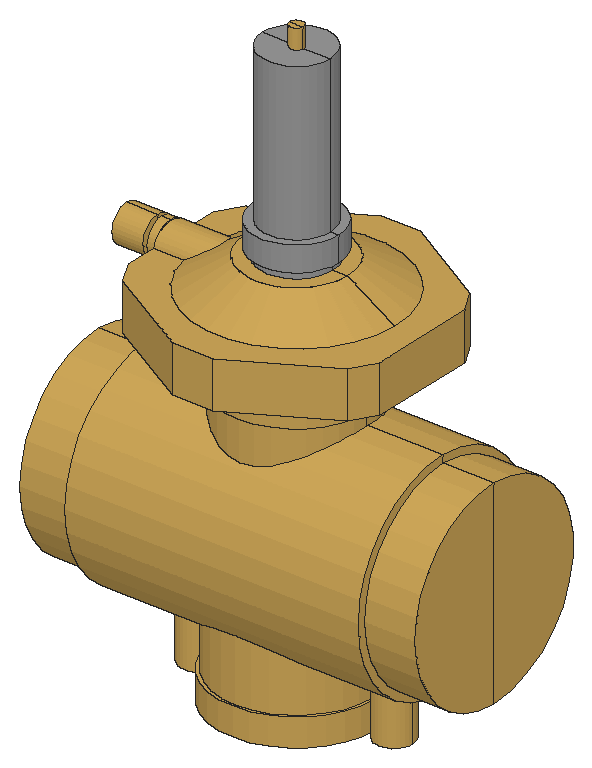
Revit family "Differenzdruckregler 4002 45-80kPa", category Rohrzubehör, Revit 2018
Family settings
  Bemaßung runder Anschluss = Durchmesser verwenden
  Teiletyp = Unterbricht
  OmniClass-Nummer = 23.65.55.14
  OmniClass-Titel = Valves for Liquid Services
  Arbeitsebenenbasiert = Nein
  Immer vertikal = Ja
  Beim Laden mit Abzugskörper schneiden = Nein
  Gemeinsam genutzt = Nein
Parameters (values of type "Ohne Dämmung")
  y2 [instance] = K14 + K9 + H01  # 72.649 mm
  y1 [instance] = (R03 * 2) + R05  # 140.000 mm
  PN = 16  # constant formula
  Min. Betriebstemperatur (Frostschutz) = -20 °C  # constant formula
  Max. zulässige Betriebstemperatur bis DN32 = 130 °C  # constant formula
  Max. zulässige Betriebstemperatur DN40 - DN50 = 110 °C  # constant formula
  Max. Differenzdruck am Gehäuse = 400000.0 Pa  # constant formula
  Max. Betriebsdruck = 1600000.0 Pa  # constant formula
  Ventilschaft = "Edelstahl 14301"  # constant formula
  VRL01 [instance] = 30.000 mm  # constant formula
  V12 = 17.000 mm  # constant formula
  V10 = 16.000 mm  # constant formula
  V09 [instance] = L06 + 4.000 mm  # 11.000 mm
  V08 [instance] = G01 + 3.000 mm  # 38.000 mm
  V03 [instance] = G01 + 5.000 mm  # 40.000 mm
  V02 [instance] = V01 + 4.500 mm  # 29.500 mm
  V01 [instance] = Nennweite / 2  # 25.000 mm
  URL = "www.herz-armaturen.at"
  SCRNSEQ = "ARM;ARM_TYP=\"DIFR\";2"
  SCRNCODE = "05;03;4"  # constant formula
  S07 = 10.000 mm  # constant formula
  S06 [instance] = 1.000 mm  # constant formula
  S05 [instance] = S01 - 1.000 mm  # 25.000 mm
  S04 [instance] = S02 - 1.000 mm  # 27.000 mm
  S03 [instance] = size_lookup("4002 45-80kPa", "S03", 26.500 mm, Nennweite)  # 37.700 mm
  S02 [instance] = size_lookup("4002 45-80kPa", "S02", 19.000 mm, Nennweite)  # 28.000 mm
  S01 [instance] = size_lookup("4002 45-80kPa", "S01", 14.850 mm, Nennweite)  # 26.000 mm
  Regleranschlussmutter = "Messing CW614N"  # constant formula
  Regelbereich = "45 - 80kPa"  # constant formula
  R06 [instance] = size_lookup("4002 45-80kPa", "R06", 14.500 mm, Nennweite)  # 14.500 mm
  R05 [instance] = size_lookup("4002 45-80kPa", "R05", 41.000 mm, Nennweite)  # 104.000 mm
  R04 [instance] = size_lookup("4002 45-80kPa", "R04", 12.500 mm, Nennweite)  # 14.500 mm
  R03 [instance] = size_lookup("4002 45-80kPa", "R03", 8.000 mm, Nennweite)  # 18.000 mm
  R02 = 14.500 mm  # constant formula
  R01 [instance] = size_lookup("4002 45-80kPa", "R01", 11.500 mm, Nennweite)  # 37.600 mm
  Min. Betriebstemperatur (reines Wasser) = 2 °C  # constant formula
  O-Ringe = "EPDM"  # constant formula
  Nennweite [instance] = 50.000 mm
  Membrangehäuse = "Messing CW602N"  # constant formula
  Membrane = "EPDM"  # constant formula
  Medium = "Wasserbeschaffenheit nach ÖNORM H 5195 und VDI 2035\r\nDie Verwendung von Ethylen- und Propylenglykol ist im\r\nMischungsverhältnis 25 - 50 Vol.-% zulässig."
  L07 [instance] = size_lookup("4002 45-80kPa", "L07", 28.500 mm, Nennweite)  # 70.000 mm
  L06 = 7.000 mm  # constant formula
  L [instance] = size_lookup("4002 45-80kPa", "L", 66.000 mm, Nennweite)  # 140.000 mm
  K9 = 4.000 mm  # constant formula
  K8 = 55.000 mm  # constant formula
  K7 = 8.700 mm  # constant formula
  K6 = 11.700 mm  # constant formula
  K5 = 13.000 mm  # constant formula
  K4 = 12.000 mm  # constant formula
  K3 = 15.000 mm  # constant formula
  K2 = 2.350 mm  # constant formula
  K18 = 89.000 mm  # constant formula
  K17 = 66.700 mm  # constant formula
  K16 = 3.000 mm  # constant formula
  K15 = 26.649 mm  # constant formula
  K14 = 16.649 mm  # constant formula
  K13 = 16.649 mm  # constant formula
  K12 = 10.000 mm  # constant formula
  K11 = 35.000 mm  # constant formula
  K10 = 18.250 mm  # constant formula
  K1.1 = 2.350 mm  # constant formula
  K1 = 7.301 mm - 0.650 mm  # 6.651 mm
  J9 = 15.700 mm  # constant formula
  J8 = 7.850 mm  # constant formula
  J7 = 15.897 mm  # constant formula
  J6 = 3.900 mm  # constant formula
  J5 = 6.500 mm  # constant formula
  J4 = 1.500 mm  # constant formula
  J3 = 3.200 mm  # constant formula
  J2 = 11.000 mm  # constant formula
  J11 = 3.500 mm  # constant formula
  J10 = 18.897 mm  # constant formula
  J1 = 6.500 mm  # constant formula
  Hersteller = "HERZ-Armaturen Ges.m.b.H"  # constant formula
  H2 [instance] = size_lookup("4002 45-80kPa", "H2", 28.000 mm, Nennweite)  # 58.000 mm
  H1 [instance] = K1 + K2 + K3 + K4 + K5 + K7 + K8 + K16 + 16.650 mm  # 132.351 mm
  H04 = 4.000 mm  # constant formula
  H03 = 9.800 mm  # constant formula
  H02 [instance] = size_lookup("4002 45-80kPa", "H02", 53.000 mm, Nennweite)  # 107.000 mm
  H01 [instance] = size_lookup("4002 45-80kPa", "H01", 25.000 mm, Nennweite)  # 52.000 mm
  Gehäuse = "DZR Messing CC770S"  # constant formula
  G01 [instance] = size_lookup("4002 45-80kPa", "G01", 13.220 mm, Nennweite)  # 35.000 mm
  Einstellspindel = "Messing CW614N"  # constant formula
  Hinweise zum Material = "Gemäß Art 33 der REACH-Verordnung (EG Nr. 1907/2006) sind wir verpflichtet, darauf hinzuweisen,\r\ndass der Stoff Blei auf der SVHC-Liste geführt wird und dass alle aus Messing bestehenden Bauteile,\r\ndie in unseren Erzeugnissen verarbeitet sind, mehr als 0,1 % (w/w) Blei (CAS: 7439-92-1 / EINECS:\r\n231-100-4) enthalten. Da Blei als Legierungsbestandteil fest gebunden ist, sind keine Expositionen zu\r\nerwarten und daher sind keine zusätzlichen Angaben zur sicheren Verwendung notwendig.\r\n\r\nIm Hanf enthaltenes Ammoniak schädigt\r\nMessingventilgehäuse, EPDM Dichtungen werden durch\r\nMineralöle bzw. mineralölhaltige Schmierstoffe aufgequollen\r\nund führen somit zum Ausfall der EPDM-Dichtungen. Für\r\nFrost- und Korrosionsschutzmittel auf der Basis von Ethylen- und Propylenglykol sind die entsprechenden\r\nAngaben den Unterlagen des Herstellers zu entnehmen."
  Dämmung = no
  Dämmschale = "EPP (expandiertes Polypropylen)"  # constant formula
  Druckfeder = "Federstahl 14310 NS"  # constant formula
  DN50 [instance] = Nennweite = 50.000 mm  # yes
  DN40 [instance] = Nennweite = 40.000 mm  # no
  DN32-40 [instance] = or(Nennweite = 32.000 mm, Nennweite = 40.000 mm)  # no
  DN32 [instance] = Nennweite = 32.000 mm  # no
  DN25 [instance] = Nennweite = 25.000 mm  # no
  DN20 [instance] = Nennweite = 20.000 mm  # no
  DN15-25 [instance] = or(Nennweite = 15.000 mm, Nennweite = 20.000 mm, Nennweite = 25.000 mm)  # no
  DN15,20,25,32,50 [instance] = or(Nennweite = 15.000 mm, Nennweite = 20.000 mm, Nennweite = 25.000 mm, Nennweite = 32.000 mm, Nennweite = 50.000 mm)  # yes
  DN15 [instance] = Nennweite = 15.000 mm  # no
  D07 [instance] = if(Nennweite = 15.000 mm, 32.000 mm, if(Nennweite = 20.000 mm, 33.000 mm, if(Nennweite = 25.000 mm, 33.000 mm, if(Nennweite = 32.000 mm, 49.000 mm, if(Nennweite = 40.000 mm, 57.560 mm, if(Nennweite = 50.000 mm, 57.560 mm, 0.000 mm))))))  # 57.560 mm
  D06 [instance] = if(Nennweite = 15.000 mm, 32.000 mm, if(Nennweite = 20.000 mm, 33.000 mm, if(Nennweite = 25.000 mm, 33.000 mm, if(Nennweite = 32.000 mm, 49.000 mm, if(Nennweite = 40.000 mm, 57.560 mm, if(Nennweite = 50.000 mm, 57.560 mm, 0.000 mm))))))  # 57.560 mm
  D05 [instance] = if(Nennweite = 15.000 mm, 36.750 mm, if(Nennweite = 20.000 mm, 40.700 mm, if(Nennweite = 25.000 mm, 49.200 mm, if(Nennweite = 32.000 mm, 54.150 mm, if(Nennweite = 40.000 mm, 60.750 mm, if(Nennweite = 50.000 mm, 72.700 mm, 0.000 mm))))))  # 72.700 mm
  D04 [instance] = if(Nennweite = 15.000 mm, 78.500 mm, if(Nennweite = 20.000 mm, 82.000 mm, if(Nennweite = 25.000 mm, 84.000 mm, if(Nennweite = 32.000 mm, 120.000 mm, if(Nennweite = 40.000 mm, 130.000 mm, if(Nennweite = 50.000 mm, 130.500 mm, 0.000 mm))))))  # 130.500 mm
  D03 [instance] = if(Nennweite = 15.000 mm, 96.000 mm, if(Nennweite = 20.000 mm, 110.000 mm, if(Nennweite = 25.000 mm, 112.000 mm, if(Nennweite = 32.000 mm, 152.000 mm, if(Nennweite = 40.000 mm, 170.000 mm, if(Nennweite = 50.000 mm, 179.000 mm, 0.000 mm))))))  # 179.000 mm
  D02 [instance] = size_lookup("4002 45-80kPa", "R05", 41.000 mm, Nennweite)  # 104.000 mm
  D01 [instance] = size_lookup("4002 45-80kPa", "G01", 13.220 mm, Nennweite)  # 35.000 mm
  Bestellnummer Dämmung [instance] = if(and(Dämmung, Nennweite = 15.000 mm), 1409611, if(and(Dämmung, Nennweite = 20.000 mm), 1409612, if(and(Dämmung, Nennweite = 25.000 mm), 1409613, if(and(Dämmung, Nennweite = 32.000 mm), 1409614, if(and(Dämmung, Nennweite = 40.000 mm), 1409615, if(and(Dämmung, Nennweite = 50.000 mm), 1409616, 0))))))  # 0
  Bestellnummer [instance] = size_lookup("4002 45-80kPa", "Artnr", 0, Nennweite)  # 1400276
  B2 [instance] = size_lookup("4002 45-80kPa", "B2", 31.000 mm, Nennweite)  # 41.000 mm
  B1 [instance] = size_lookup("4002 45-80kPa", "B1", 26.000 mm, Nennweite)  # 41.000 mm
  B04 = 100.649 mm  # constant formula
  B03 = 44.500 mm  # constant formula
  B02 = 104.688 mm  # constant formula
  B01 = 10.000 mm  # constant formula
  Anzeigehülse = "Kunststoff (Rot)"  # constant formula
  Anwendungsgebiet = "Der Differenzdruckregler ist ein Regler mit linearer Kennlinie in Geradsitzausführung und arbeitet ohne\r\nHilfsenergie. Der gewünschte Differenzdruck-Sollwert kann zwischen 5 und 30 kPa; 25 und 60 kPa bzw.\r\n45 und 80 kPa stufenlos eingestellt werden. Der eingestellte Wert ist mit Hilfe des Einstelldiagrammes\r\nablesbar. Werksseitig ist der Sollwert auf Minimum eingestellt. Der erforderliche Sollwert wird mit dem\r\nEinstellwerkzeug (1 4006 02) eingestellt. Im Lieferumfang enthalten ist die Impulsleitung (1000 mm),\r\ndiese ist im Vorlauf einzubinden."
  Anschlussnippel = "Messing CW602N"  # constant formula
Types (2, lengths in mm): name | y1 | V08 | V03 | V02 | V01 | S03 | R05 | R03 | R01 | Nennweite | L07 | L | G01 | Dämmung | DN50 | DN40 | DN32-40 | DN15,20,25,32,50 | D05 | D04 | D03 | D02 | D01 | Bestellnummer Dämmung | Bestellnummer
  Ohne Dämmung | 140.000 | 38.000 | 40.000 | 29.500 | 25.000 | 37.700 | 104.000 | 18.000 | 37.600 | 50.000 | 70.000 | 140.000 | 35.000 | no | yes | no | no | yes | 72.700 | 130.500 | 179.000 | 104.000 | 35.000 | 0 | 1400276
  Mit Dämmung | 132.000 | 29.873 | 31.873 | 24.500 | 20.000 | 38.700 | 100.000 | 16.000 | 38.700 | 40.000 | 66.000 | 132.000 | 26.873 | yes | no | yes | yes | no | 60.750 | 130.000 | 170.000 | 100.000 | 26.873 | 1409615 | 1400275
Reference planes
  plane 1 "Mitte (Vorne/hinten)": y = 0
  plane 2: z = 0
  plane 3 "Mitte (Links/rechts)": x = 0
Forms (mm)
  Revolve 1, solid, material "Messing, weicher Gelbton, geschweißt", detail levels fine
    sketch origin (0, 0, 0) x (1, 0, 0) y (0, 0, 1)
      loop
        line (-70, 0) -> (70, 0) -> (70, 35) -> (52, 35) -> (52, 37.6) -> (-52, 37.6) -> (-52, 35) -> (-70, 35) -> (-70, 0)
      axis (-70, 0) -> (70, 0)
    angle from 0 to 360
  Revolve 2, solid, material "Messing, weicher Gelbton, geschweißt", detail levels fine
    sketch origin (0, 0, 0) x (1, 0, 0) y (0, 0, 1)
      loop
        line (0, -58) -> (0, 0) -> (-27, 0) -> (-27, -48.2) -> (-28, -48.2) -> (-28, -58) -> (0, -58)
      axis (0, 0) -> (0, -58)
    angle from 0 to 360
  Extrusion 3, solid, material "Messing, weicher Gelbton, geschweißt", detail levels fine
    sketch origin (0, 0, 0) x (0, -1, 0) y (1, 0, 0)
      loop
        line (-46, -7.038) -> (-27.114, -39.75) -> (-18.886, -44.5) -> (18.886, -44.5) -> (27.114, -39.75) -> (46, -7.038) -> (46, 7.038) -> (27.114, 39.75) -> (18.886, 44.5) -> (-18.886, 44.5) -> (-27.114, 39.75) -> (-46, 7.038) -> (-46, -7.038)
    from 56 to 72.649
  Revolve 4, solid, material "Messing, weicher Gelbton, geschweißt", detail levels fine
    sketch origin (0, 0, -7.051) x (1, 0, 0) y (0, 0, 1)
      loop
        line (0, 79.7) -> (0, 89.7) -> (-18.25, 89.7) -> (-35, 79.7) -> (0, 79.7)
      axis (0, 89.7) -> (0, 79.7)
    angle from 0 to 360
  Revolve 5, solid, material "Messing, weicher Gelbton, geschweißt", visible <- "DN15-25", detail levels fine
    sketch origin (-11, 0, 0) x (1, 0, 0) y (0, 1, 0)
      loop
        line (-3.5, 41) -> (-11.2, 41) -> (-11.2, 0) -> (-3.5, 0) -> (-3.5, 41)
      axis (-3.5, 0) -> (-3.5, 41)
    angle from 0 to 360
  Revolve 6, solid, material "Messing, weicher Gelbton, geschweißt", visible <- "DN15,20,25,32,50", detail levels fine
    sketch origin (-0.988, 0, -6.853) x (-1, 0, 0) y (0, 0, 1)
      loop
        line (43.5, 78.75) -> (59.2, 78.75) -> (59.2, 85.25) -> (48.2, 85.25) -> (48.2, 82.65) -> (46.7, 82.65) -> (46.7, 85.25) -> (43.5, 85.25) -> (43.5, 78.75)
      axis (43.5, 78.75) -> (59.2, 78.75)
    angle from 0 to 360
  Extrusion 7, solid, material "Messing, weicher Gelbton, geschweißt", visible <- "DN15,20,25,32,50", detail levels fine
    sketch origin (0, 0, 0) x (0, 1, 0) y (0, 0, -1)
      loop
        line (7.85, -70.547) -> (7.85, -59.5) -> (-7.85, -59.5) -> (-7.85, -70.547)
        arc (-7.85, -70.547) -> (0, -78.397) -> (7.85, -70.547) r 7.85
    from 0 to 44.5
  Revolve 8, solid, material "Kunststoff rot", detail levels fine
    sketch origin (0, 0, 0) x (1, 0, 0) y (0, 0, 1)
      loop
        line (-12, 149.349) -> (-12, 94.349) -> (-15, 94.349) -> (-15, 85.649) -> (-13, 85.649) -> (-13, 82.649) -> (0, 82.649) -> (0, 149.349) -> (-12, 149.349)
      axis (0, 149.349) -> (0, 82.649)
    angle from 0 to 360
  Revolve 9, solid, material "Messing, weicher Gelbton, geschweißt", visible <- "DN15-25", detail levels fine
    sketch origin (-2, 0, 0) x (1, 0, 0) y (0, 1, 0)
      loop
        line (-12.5, 0) -> (-21.5, 0) -> (-21.5, -41) -> (-12.5, -41) -> (-12.5, 0)
      axis (-12.5, 0) -> (-12.5, -41)
    angle from 0 to 360
  Revolve 10, solid, material "Messing, weicher Gelbton, geschweißt", visible <- "DN15-25", detail levels fine
    sketch origin (2, 0, 0) x (1, 0, 0) y (0, 1, 0)
      loop
        line (12.5, 0) -> (12.5, -41) -> (21.6, -41) -> (21.6, 0) -> (12.5, 0)
      axis (12.5, 0) -> (12.5, -41)
    angle from 0 to 360
  Extrusion 11, solid, material "Messing, weicher Gelbton, geschweißt", visible <- "DN32", detail levels fine
    sketch origin (-31.5, 0, 0) x (1, 0, 0) y (0, 1, 0)
      loop
        circle (63, 0) r 6.578
      loop
        circle (63, 0) r 3.28
    from -47 to 0
  Extrusion 12, solid, material "Messing, weicher Gelbton, geschweißt", visible <- "DN32", detail levels fine
    sketch origin (31.5, 0, 0) x (-1, 0, 0) y (0, -1, 0)
      loop
        circle (63, 0) r 6.578
      loop
        circle (63, 0) r 3.28
    from -47 to 0
  Revolve 13, solid, material "Messing, weicher Gelbton, geschweißt", detail levels fine
    sketch origin (0, 0, 0) x (1, 0, 0) y (0, 0, 1)
      loop
        line (-25, 0) -> (0, 0) -> (0, 56) -> (-21, 56) -> (-21, 52) -> (-26, 52) -> (-26, 42.2) -> (-25, 42.2) -> (-25, 0)
      axis (0, 56) -> (0, 0)
    angle from 0 to 360
  Extrusion 14, solid, material "Messing, weicher Gelbton, geschweißt", visible <- "DN40", detail levels fine
    sketch origin (29.382, 0, 0) x (-1, 0, 0) y (0, -1, 0)
      loop
        circle (63, 0) r 6.578
      loop
        circle (63, 0) r 3.28
    from -58 to 0
  Extrusion 15, solid, material "Messing, weicher Gelbton, geschweißt", visible <- "DN40", detail levels fine
    sketch origin (-29.455, 0, 0) x (1, 0, 0) y (0, 1, 0)
      loop
        circle (63, 0) r 6.578
      loop
        circle (63, 0) r 3.28
    from -58 to 0
  Extrusion 16, solid, material "Messing, weicher Gelbton, geschweißt", visible <- "DN50", detail levels fine
    sketch origin (28.422, 0, 0) x (-1, 0, 0) y (0, -1, 0)
      loop
        circle (63, 0) r 6.578
      loop
        circle (63, 0) r 3.28
    from -58 to 0
  Extrusion 17, solid, material "Messing, weicher Gelbton, geschweißt", visible <- "DN50", detail levels fine
    sketch origin (-28.422, 0, 0) x (1, 0, 0) y (0, 1, 0)
      loop
        circle (63, 0) r 6.578
      loop
        circle (63, 0) r 3.28
    from -58 to 0
  Revolve 18, solid, material "Messing, weicher Gelbton, geschweißt", detail levels fine
    sketch origin (0, 0, 0) x (1, 0, 0) y (0, 0, 1)
      loop
        line (-2.35, 148.349) -> (0, 148.349) -> (0, 156) -> (-2.35, 156) -> (-2.35, 148.349)
      axis (0, 156) -> (0, 148.349)
    angle from 0 to 360
  Revolve 19, solid, material "Messing, weicher Gelbton, geschweißt", visible <- "DN32-40", detail levels fine
    sketch origin (-11, 0, 0) x (1, 0, 0) y (0, 1, 0)
      loop
        line (-3.5, -41) -> (-3.5, 0) -> (-11.2, 0) -> (-11.2, -41) -> (-3.5, -41)
      axis (-3.5, 0) -> (-3.5, -41)
    angle from 0 to 360
  Extrusion 20, solid, material "Messing, weicher Gelbton, geschweißt", visible <- "DN40", detail levels fine
    sketch origin (0, 0, 0) x (0, 1, 0) y (0, 0, 1)
      loop
        arc (7.85, 74.047) -> (0, 81.897) -> (-7.85, 74.047) r 7.85
        line (-7.85, 74.047) -> (-7.85, 63) -> (7.85, 63) -> (7.85, 74.047)
    from 0 to 44.5
  Revolve 21, solid, material "Messing, weicher Gelbton, geschweißt", visible <- "DN40", detail levels fine
    sketch origin (0.988, 0, -6.853) x (1, 0, 0) y (0, 0, 1)
      loop
        line (43.5, 82.25) -> (59.2, 82.25) -> (59.2, 88.75) -> (48.2, 88.75) -> (48.2, 86.15) -> (46.7, 86.15) -> (46.7, 88.75) -> (43.5, 88.75) -> (43.5, 82.25)
      axis (43.5, 82.25) -> (59.2, 82.25)
    angle from 0 to 360
  Revolve 22, solid, material "Messing, weicher Gelbton, geschweißt", not visible, detail levels fine
    sketch origin (11.3, 0, 0) x (-1, 0, 0) y (0, 0, 1)
      loop
        line (81.3, 0) -> (111.3, 0) -> (111.3, 25) -> (94.3, 25) -> (94.3, 29.5) -> (85.3, 29.5) -> (85.3, 40) -> (78.3, 40) -> (78.3, 38) -> (63.3, 38) -> (63.3, 35) -> (81.3, 35) -> (81.3, 0)
      axis (63.3, 0) -> (111.3, 0)
    angle from 0 to 360
  Revolve 23, solid, material "Messing, weicher Gelbton, geschweißt", not visible, detail levels fine
    sketch origin (-1.172, 0, 0) x (1, 0, 0) y (0, 0, 1)
      loop
        line (71.172, 0) -> (101.172, 0) -> (101.172, 25) -> (84.172, 25) -> (84.172, 29.5) -> (75.172, 29.5) -> (75.172, 40) -> (68.172, 40) -> (68.172, 38) -> (53.172, 38) -> (53.172, 35) -> (71.172, 35) -> (71.172, 0)
      axis (53.172, 0) -> (101.172, 0)
    angle from 0 to 360
  Revolve 24, solid, material "Kunststoff-Anthrazit/Schwarz", visible <- "Dämmung"
    sketch origin (0, 0, 0) x (1, 0, 0) y (0, 0, 1)
      loop
        line (89.5, 57.56) -> (-89.5, 57.56) -> (-89.5, 35) -> (-52, 35) -> (-52, 0) -> (0, 0) -> (52, 0) -> (52, 35) -> (89.5, 35) -> (89.5, 57.56)
      axis (-89.5, 0) -> (89.5, 0)
    angle from 0 to 360
  Revolve 25, solid, material "Kunststoff-Anthrazit/Schwarz", visible <- "Dämmung"
    sketch origin (0, 0, 0) x (1, 0, 0) y (0, 0, 1)
      loop
        line (0, -72.94) -> (72.7, -72.94) -> (72.7, 57.56) -> (0, 57.56) -> (0, -72.94)
      axis (0, 57.56) -> (0, -72.94)
    angle from 0 to 360
  Extrusion 26, void
    sketch origin (-454.601, -120, 0) x (1, 0, 0) y (0, 1, 0)
      loop
        line (261.224, -34.207) -> (644.601, -34.207) -> (644.601, 270) -> (261.224, 270) -> (261.224, -34.207)
    from 56 to 72.649
  Extrusion 27, void
    sketch origin (-432.01, -65, 0) x (1, 0, 0) y (0, 1, 0)
      loop
        line (339.195, -19.781) -> (522.867, -19.781) -> (522.867, 150) -> (339.195, 150) -> (339.195, -19.781)
    from 56 to 72.649
Cuts and joins
  Extrusion 26 cuts Revolve 24
  Extrusion 27 cuts Revolve 25
Lines and regions (mm)
  model lines, detail levels coarse+medium
    curve 1: line (70, -35, 0) -> (70, 35, 0)
    curve 2: line (70, 35, 0) -> (-70, -35, 0)
    curve 3: line (-70, -35, 0) -> (-70, 35, 0)
    curve 4: line (-70, 35, 0) -> (70, -35, 0)
    curve 5: line (0, -42, 0) -> (0, -56, 0)
    curve 6: spline (-44.5, -64.324, 0) -> (-42.984, -62.17, 0) -> (-38.538, -60.162, 0) -> (-31.466, -58.438, 0) -> (-22.25, -57.115, 0) -> (-11.517, -56.284, 0) -> (0, -56, 0) -> (11.517, -56.284, 0) -> (22.25, -57.115, 0) -> (31.466, -58.438, 0) -> (38.538, -60.162, 0) -> (42.984, -62.17, 0) -> (44.5, -64.325, 0) -> (42.984, -66.479, 0) -> (38.538, -68.487, 0) -> (31.466, -70.211, 0) -> (22.25, -71.534, 0) -> (11.517, -72.365, 0) -> (0, -72.649, 0) -> (-11.517, -72.365, 0) -> (-22.25, -71.534, 0) -> (-31.466, -70.211, 0) -> (-38.538, -68.487, 0) -> (-42.984, -66.479, 0) -> (-44.5, -64.324, 0)
    curve 7: line (-70, 0, 35) -> (-70, 0, -35)
    curve 8: line (-70, 0, -35) -> (70, 0, 35)
    curve 9: line (70, 0, 35) -> (70, 0, -35)
    curve 10: line (70, 0, -35) -> (-70, 0, 35)
    curve 11: line (0, 0, 42.2) -> (0, 0, 56)
    curve 12: spline (-44.5, 0, 64.325) -> (-42.984, 0, 66.479) -> (-38.538, 0, 68.487) -> (-31.466, 0, 70.211) -> (-22.25, 0, 71.534) -> (-11.517, 0, 72.365) -> (0, 0, 72.649) -> (11.517, 0, 72.365) -> (22.25, 0, 71.534) -> (31.466, 0, 70.211) -> (38.538, 0, 68.487) -> (42.984, 0, 66.479) -> (44.5, 0, 64.324) -> (42.984, 0, 62.17) -> (38.538, 0, 60.162) -> (31.466, 0, 58.438) -> (22.25, 0, 57.115) -> (11.517, 0, 56.284) -> (0, 0, 56) -> (-11.517, 0, 56.284) -> (-22.25, 0, 57.115) -> (-31.466, 0, 58.438) -> (-38.538, 0, 60.162) -> (-42.984, 0, 62.17) -> (-44.5, 0, 64.325)
    curve 13: line (0, 0, 42.2) -> (35, 0, 17.5)
    curve 14: line (70, 0, 0) -> (80.504, 0, 0)
    curve 15: line (0, -42, 0) -> (-18.2, -9.1, 0)
    curve 16: line (0, -42, 0) -> (18.2, -9.1, 0)
    curve 17: line (70, 0, -35) -> (80, 0, -35)
    curve 18: line (-35, 0, 17.5) -> (0, 0, 42.2)
    curve 19: line (70, 35, 0) -> (80, 35, 0)
    curve 20: line (80, 35, 0) -> (70, 0, 0)
    curve 21: line (70, -35, 0) -> (80, -35, 0)
    curve 22: line (80, -35, 0) -> (70, 0, 0)
    curve 23: line (-70, 35, 0) -> (-80, 35, 0)
    curve 24: line (-80, 35, 0) -> (-70, 0, 0)
    curve 25: line (-70, -35, 0) -> (-80, -35, 0)
    curve 26: line (-80, -35, 0) -> (-70, 0, 0)
    curve 27: line (-70, 0, 35) -> (-80, 0, 35)
    curve 28: line (-80, 0, 35) -> (-70, 0, 0)
    curve 29: line (-70, 0, -35) -> (-80, 0, -35)
    curve 30: line (-80, 0, -35) -> (-70, 0, 0)
    curve 31: line (70, 0, 35) -> (70, 0, -35)
    curve 32: line (70, 0, 35) -> (80, 0, 35)
    curve 33: line (80, 0, 35) -> (70, 0, 0)
    curve 34: line (70, 0, -35) -> (80, 0, -35)
    curve 35: line (80, 0, -35) -> (70, 0, 0)
Dimensions and locks
  "G01": Revolve 1 sketch curve to Revolve 1 sketch curve  (x2)
  "R01": Revolve 1 sketch curve to Revolve 1 sketch curve
  "R03": Revolve 1 sketch curve to Revolve 1 sketch curve  (x2)
  "K10": Revolve 4 sketch curve to Revolve 4 sketch curve
  "K11": Revolve 4 sketch curve to Revolve 4 sketch curve
  "B1": Revolve 5 sketch curve to Revolve 5 sketch curve
  "J1": Revolve 6 sketch curve to Revolve 6 sketch curve
  "J3": Revolve 6 sketch curve to Revolve 6 sketch curve
  "J4": Revolve 6 sketch curve to Revolve 6 sketch curve
  "J2": Revolve 6 sketch curve to Revolve 6 sketch curve
  "J5": Revolve 6 sketch curve to Revolve 6 sketch curve
  "J6": Revolve 6 sketch curve to Revolve 6 sketch curve
  "H2": plane 2 to Revolve 2 sketch curve
  "S02": plane 3 "Mitte (Links/rechts)" to Revolve 2 sketch curve
  "B02": Revolve 6 to Extrusion 3
  "B03": Extrusion 3 to plane 3 "Mitte (Links/rechts)"
  "R04": Revolve 5 sketch curve to plane 3 "Mitte (Links/rechts)"
  "K4": Revolve 8 sketch curve to Revolve 8 sketch curve
  "K3": Revolve 8 sketch curve to Revolve 8 sketch curve
  "K7": Revolve 8 sketch curve to Revolve 8 sketch curve
  "K5": Revolve 8 sketch curve to Revolve 8 sketch curve
  "K8": Revolve 8 sketch curve to Revolve 8 sketch curve
  "K12": Revolve 4 sketch curve to Revolve 4 sketch curve
  "K13": Revolve 4 sketch curve to Extrusion 3
  "K14": Extrusion 3 to Extrusion 3
  "K16": Revolve 8 sketch curve to Revolve 8 sketch curve
  "K15": Revolve 8 to Extrusion 3
  "R05": Revolve 1 sketch curve to Revolve 1 sketch curve
  plane 3 "Mitte (Links/rechts)" to Revolve 1 sketch curve = 70.000 mm
  Revolve 1 sketch curve to plane 3 "Mitte (Links/rechts)" = 70.000 mm
  equal spacing: Revolve 1 sketch curve, plane 3 "Mitte (Links/rechts)", Revolve 1 sketch curve
  "B2": plane 1 "Mitte (Vorne/hinten)" to Revolve 9 sketch curve
  "B2": Revolve 10 sketch curve to plane 1 "Mitte (Vorne/hinten)"
  "R06": Revolve 9 sketch curve to plane 3 "Mitte (Links/rechts)"
  "R06": plane 3 "Mitte (Links/rechts)" to Revolve 10 sketch curve
  "S01": Revolve 13 sketch curve to plane 3 "Mitte (Links/rechts)"
  "S05": plane 3 "Mitte (Links/rechts)" to Revolve 13 sketch curve
  "H04": Revolve 13 sketch curve to Revolve 13 sketch curve
  "H03": Revolve 13 sketch curve to Revolve 13 sketch curve
  "H01": Revolve 13 sketch curve to plane 2
  "K9": Extrusion 3 to Revolve 13
  "S06": Revolve 2 sketch curve to Revolve 2 sketch curve
  "J7": Revolve 6 sketch curve to Extrusion 3
  "J9": Extrusion 7 sketch curve to Extrusion 7 sketch curve
  "J10": Revolve 6 to Extrusion 7 sketch curve
  "J11": Extrusion 7 sketch curve to Extrusion 3
  Revolve 22 to curve 16 to Revolve 23 = 70.000 mm, 70.000 mm
  "K18": Extrusion 3 to Extrusion 3
  "G01": curve 10 to plane 2
  "G01": plane 2 to curve 8
  "G01": curve 9 to plane 2
  "G01": plane 2 to curve 10
  "K18": curve 12 to curve 12
  "y1": curve 7 to curve 9
  "K14": curve 12 to curve 12
  "y2": curve 12 to plane 2
  "G01": plane 1 "Mitte (Vorne/hinten)" to curve 4
  "G01": curve 3 to plane 1 "Mitte (Vorne/hinten)"
  equal spacing: curve 3, curve 12, curve 1
  equal spacing: curve 3, curve 16, curve 1
  "y1": curve 3 to curve 1
  "G01": plane 1 "Mitte (Vorne/hinten)" to curve 2
  "G01": curve 4 to plane 1 "Mitte (Vorne/hinten)"
  "K18": curve 6 to curve 6
  "K14": curve 6 to curve 6
  "y2": curve 6 to plane 1 "Mitte (Vorne/hinten)"
  "K1": Revolve 18 sketch curve to Revolve 8
  "K1.1": plane 3 "Mitte (Links/rechts)" to Revolve 18 sketch curve
  "B1": Revolve 19 sketch curve to Revolve 19 sketch curve
  "R04": Revolve 19 sketch curve to plane 3 "Mitte (Links/rechts)"
  Revolve 18 to Revolve 2 = 214.000 mm
  plane 2 to Revolve 2 sketch curve = 48.200 mm
  "J9": Extrusion 20 sketch curve to Extrusion 20 sketch curve
  "J1": Revolve 21 sketch curve to Revolve 21 sketch curve
  "J3": Revolve 21 sketch curve to Revolve 21 sketch curve
  "J4": Revolve 21 sketch curve to Revolve 21 sketch curve
  "J2": Revolve 21 sketch curve to Revolve 21 sketch curve
  "J5": Revolve 21 sketch curve to Revolve 21 sketch curve
  "J6": Revolve 21 sketch curve to Revolve 21 sketch curve
  "R03": Revolve 22 sketch curve to Revolve 22 sketch curve
  "V12": Revolve 22 sketch curve to Revolve 22 sketch curve
  "VRL01": Revolve 22 sketch curve to Revolve 22 sketch curve
  "G01": Revolve 22 sketch curve to plane 2
  "V08": Revolve 22 sketch curve to plane 2
  "V01": Revolve 22 sketch curve to plane 2
  "V02": Revolve 22 sketch curve to plane 2
  "V03": Revolve 22 sketch curve to plane 2
  "R03": Revolve 23 sketch curve to Revolve 23 sketch curve
  "V10": Revolve 23 sketch curve to Revolve 23 sketch curve
  "V12": Revolve 23 sketch curve to Revolve 23 sketch curve
  "VRL01": Revolve 23 sketch curve to Revolve 23 sketch curve
  "G01": Revolve 23 sketch curve to plane 2
  "V08": Revolve 23 sketch curve to plane 2
  "V03": Revolve 23 sketch curve to plane 2
  "V01": Revolve 23 sketch curve to plane 2
  "V02": Revolve 23 sketch curve to plane 2
  "S07": Revolve 1 to curve 17
  equal spacing: Revolve 1, curve 18, curve 18, curve 13, curve 9
  "L07": Revolve 22 to plane 3 "Mitte (Links/rechts)"
  "L07": plane 3 "Mitte (Links/rechts)" to Revolve 23
  "V10": Revolve 22 sketch curve to Revolve 22 sketch curve
  "S07": curve 24 to curve 3
  "S07": curve 26 to curve 3
  "S07": curve 1 to curve 20
  "S07": curve 1 to curve 22
  "S07": curve 28 to curve 7
  "S07": curve 30 to curve 7
  "S07": curve 31 to curve 33
  "S07": curve 31 to curve 35
  "D01": Revolve 24 sketch curve to plane 2  (x2)
  "D03": Revolve 24 sketch curve to Revolve 24 sketch curve
  equal spacing: Revolve 24 sketch curve, plane 3 "Mitte (Links/rechts)", Revolve 24 sketch curve  (x2)
  "D02": Revolve 24 sketch curve to Revolve 24 sketch curve
  "D05": Revolve 25 sketch curve to Revolve 25 sketch curve
  "D04": Revolve 25 sketch curve to Revolve 25 sketch curve
  "D06": Revolve 25 sketch curve to plane 2
  "D07": Revolve 24 sketch curve to plane 2
  "K14": Extrusion 26 to Extrusion 26
  "K14": Extrusion 26 to Extrusion 3
  "K14": Extrusion 27 to Extrusion 27
  "K14": Extrusion 27 to Extrusion 3
  "J8": radius of Extrusion 7 sketch curve
  "J8": radius of Extrusion 20 sketch curve
  aligned and locked: level to plane 2
Automatic sketch dimensions
  plane 3 "Mitte (Links/rechts)" to Extrusion 3 sketch curve = 7.038 mm  (x2)
  Extrusion 3 sketch curve to plane 1 "Mitte (Vorne/hinten)" = 46.000 mm
  Extrusion 3 sketch curve to plane 1 "Mitte (Vorne/hinten)" = 27.114 mm  (x2)
  Extrusion 3 sketch curve to Extrusion 3 sketch curve = 8.227 mm  (x4)
  plane 1 "Mitte (Vorne/hinten)" to Extrusion 3 sketch curve = 18.886 mm  (x2)
  Extrusion 3 sketch curve to Extrusion 3 sketch curve = 18.886 mm
  Extrusion 3 sketch curve to plane 3 "Mitte (Links/rechts)" = 7.038 mm  (x2)
  Extrusion 3 sketch curve to Extrusion 3 sketch curve = 32.712 mm  (x4)
  Extrusion 3 sketch curve to Extrusion 3 sketch curve = 4.750 mm  (x2)
  Extrusion 11 sketch curve to Extrusion 11 sketch curve = 0.000 mm  (x2)
  plane 1 "Mitte (Vorne/hinten)" to Extrusion 11 sketch curve = 0.000 mm
  plane 3 "Mitte (Links/rechts)" to Extrusion 11 sketch curve = 31.500 mm
  Extrusion 12 sketch curve to Extrusion 12 sketch curve = 0.000 mm  (x2)
  plane 1 "Mitte (Vorne/hinten)" to Extrusion 12 sketch curve = 0.000 mm
  plane 3 "Mitte (Links/rechts)" to Extrusion 12 sketch curve = 31.500 mm
  Extrusion 14 sketch curve to Extrusion 14 sketch curve = 0.000 mm  (x2)
  plane 1 "Mitte (Vorne/hinten)" to Extrusion 14 sketch curve = 0.000 mm
  plane 3 "Mitte (Links/rechts)" to Extrusion 14 sketch curve = 33.618 mm
  Extrusion 15 sketch curve to Extrusion 15 sketch curve = 0.000 mm  (x2)
  plane 1 "Mitte (Vorne/hinten)" to Extrusion 15 sketch curve = 0.000 mm
  plane 3 "Mitte (Links/rechts)" to Extrusion 15 sketch curve = 33.545 mm
  Extrusion 16 sketch curve to Extrusion 16 sketch curve = 0.000 mm  (x2)
  plane 1 "Mitte (Vorne/hinten)" to Extrusion 16 sketch curve = 0.000 mm
  plane 3 "Mitte (Links/rechts)" to Extrusion 16 sketch curve = 34.578 mm
  Extrusion 17 sketch curve to Extrusion 17 sketch curve = 0.000 mm  (x2)
  plane 1 "Mitte (Vorne/hinten)" to Extrusion 17 sketch curve = 0.000 mm
  plane 3 "Mitte (Links/rechts)" to Extrusion 17 sketch curve = 34.578 mm
  plane 1 "Mitte (Vorne/hinten)" to Extrusion 26 sketch curve = 154.207 mm
  Extrusion 26 sketch curve to plane 3 "Mitte (Links/rechts)" = 193.377 mm
  Extrusion 26 sketch curve to Extrusion 26 sketch curve = 383.377 mm
  Extrusion 26 sketch curve to plane 1 "Mitte (Vorne/hinten)" = 150.000 mm
  plane 1 "Mitte (Vorne/hinten)" to Extrusion 27 sketch curve = 84.781 mm
  Extrusion 27 sketch curve to plane 1 "Mitte (Vorne/hinten)" = 85.000 mm
  Extrusion 27 sketch curve to plane 3 "Mitte (Links/rechts)" = 92.816 mm
  Extrusion 27 sketch curve to Extrusion 27 sketch curve = 183.673 mm
  curve 30 to level = 0.000 mm
  curve 28 to level = 0.000 mm
  curve 12 to plane 3 "Mitte (Links/rechts)" = 0.000 mm
  curve 11 to plane 3 "Mitte (Links/rechts)" = 0.000 mm
  curve 14 to level = 0.000 mm
  curve 33 to level = 0.000 mm
  curve 35 to level = 0.000 mm
  curve 18 to curve 11 = 13.800 mm
  curve 14 to curve 14 = 10.504 mm
  plane 1 "Mitte (Vorne/hinten)" to curve 24 = 0.000 mm
  plane 1 "Mitte (Vorne/hinten)" to curve 26 = 0.000 mm
  curve 16 to plane 3 "Mitte (Links/rechts)" = 0.000 mm
  curve 6 to plane 3 "Mitte (Links/rechts)" = 0.000 mm
  plane 1 "Mitte (Vorne/hinten)" to curve 20 = 0.000 mm
  plane 1 "Mitte (Vorne/hinten)" to curve 22 = 0.000 mm
  curve 5 to curve 15 = 14.000 mm
  plane 1 "Mitte (Vorne/hinten)" to curve 15 = 9.100 mm
  plane 1 "Mitte (Vorne/hinten)" to curve 16 = 9.100 mm
  Revolve 1 sketch curve to level = 0.000 mm  (x2)
  Revolve 1 sketch curve to Revolve 1 sketch curve = 1473.530 mm
  Revolve 1 sketch curve to Revolve 1 sketch curve = 1806.148 mm
  Revolve 2 sketch curve to level = 0.000 mm
  Revolve 2 sketch curve to plane 3 "Mitte (Links/rechts)" = 0.000 mm  (x2)
  Revolve 2 sketch curve to Revolve 2 sketch curve = 1.000 mm
  Revolve 2 sketch curve to Revolve 2 sketch curve = 9.800 mm
  Revolve 2 sketch curve to Revolve 2 sketch curve = 334.045 mm
  level to Revolve 2 sketch curve = 2218.015 mm
  Revolve 4 sketch curve to plane 3 "Mitte (Links/rechts)" = 0.000 mm  (x2)
  Revolve 4 sketch curve to level = 373.096 mm
  Revolve 4 sketch curve to Revolve 4 sketch curve = 2155.315 mm
  plane 1 "Mitte (Vorne/hinten)" to Revolve 5 sketch curve = 0.000 mm  (x2)
  Revolve 5 sketch curve to Revolve 5 sketch curve = 0.000 mm  (x2)
  Revolve 5 sketch curve to Revolve 5 sketch curve = 7.700 mm
  plane 3 "Mitte (Links/rechts)" to Revolve 6 sketch curve = 44.488 mm
  Revolve 6 sketch curve to Revolve 6 sketch curve = 0.000 mm  (x3)
  Extrusion 7 sketch curve to plane 1 "Mitte (Vorne/hinten)" = 0.000 mm
  Extrusion 7 sketch curve to Extrusion 7 sketch curve = 11.047 mm
  Extrusion 7 sketch curve to Extrusion 7 sketch curve = 0.000 mm
  Revolve 8 sketch curve to plane 3 "Mitte (Links/rechts)" = 0.000 mm  (x2)
  level to Revolve 8 sketch curve = 82.649 mm
  Revolve 8 sketch curve to Revolve 8 sketch curve = 0.000 mm  (x2)
  plane 1 "Mitte (Vorne/hinten)" to Revolve 9 sketch curve = 0.000 mm  (x2)
  Revolve 9 sketch curve to Revolve 9 sketch curve = 9.000 mm
  Revolve 9 sketch curve to Revolve 9 sketch curve = 0.000 mm  (x2)
  plane 1 "Mitte (Vorne/hinten)" to Revolve 10 sketch curve = 0.000 mm  (x2)
  Revolve 10 sketch curve to Revolve 10 sketch curve = 9.100 mm
  Revolve 10 sketch curve to Revolve 10 sketch curve = 0.000 mm  (x2)
  Revolve 13 sketch curve to level = 0.000 mm  (x2)
  Revolve 13 sketch curve to plane 3 "Mitte (Links/rechts)" = 0.000 mm  (x2)
  Revolve 13 sketch curve to Revolve 13 sketch curve = 5.000 mm
  Revolve 13 sketch curve to Revolve 13 sketch curve = 0.000 mm
  Revolve 18 sketch curve to plane 3 "Mitte (Links/rechts)" = 0.000 mm  (x2)
  Revolve 18 sketch curve to Revolve 18 sketch curve = 7.651 mm
  Revolve 18 sketch curve to Revolve 18 sketch curve = 0.000 mm  (x2)
  plane 1 "Mitte (Vorne/hinten)" to Revolve 19 sketch curve = 0.000 mm  (x2)
  Revolve 19 sketch curve to Revolve 19 sketch curve = 7.700 mm
  Revolve 19 sketch curve to Revolve 19 sketch curve = 0.000 mm  (x2)
  Extrusion 20 sketch curve to plane 1 "Mitte (Vorne/hinten)" = 0.000 mm
  level to Extrusion 20 sketch curve = 63.000 mm
  Extrusion 20 sketch curve to Extrusion 20 sketch curve = 11.047 mm
  Extrusion 20 sketch curve to Extrusion 20 sketch curve = 0.000 mm
  plane 3 "Mitte (Links/rechts)" to Revolve 21 sketch curve = 44.488 mm
  level to Revolve 21 sketch curve = 75.397 mm
  Revolve 21 sketch curve to Revolve 21 sketch curve = 0.000 mm  (x3)
  Revolve 22 sketch curve to level = 0.000 mm  (x2)
  plane 3 "Mitte (Links/rechts)" to Revolve 22 sketch curve = 52.000 mm
  Revolve 22 sketch curve to Revolve 22 sketch curve = 4.000 mm
  Revolve 22 sketch curve to Revolve 22 sketch curve = 0.000 mm  (x2)
  Revolve 23 sketch curve to level = 0.000 mm  (x2)
  plane 3 "Mitte (Links/rechts)" to Revolve 23 sketch curve = 52.000 mm
  Revolve 23 sketch curve to Revolve 23 sketch curve = 4.000 mm
  Revolve 23 sketch curve to Revolve 23 sketch curve = 0.000 mm  (x2)
  Revolve 24 sketch curve to level = 0.000 mm  (x2)
  Revolve 24 sketch curve to plane 3 "Mitte (Links/rechts)" = 0.000 mm
  Revolve 24 sketch curve to Revolve 24 sketch curve = 0.000 mm  (x2)
  Revolve 25 sketch curve to plane 3 "Mitte (Links/rechts)" = 0.000 mm  (x2)
  Revolve 25 sketch curve to Revolve 25 sketch curve = 0.000 mm  (x2)
  radius of Extrusion 11 sketch curve = 6.578 mm
  radius of Extrusion 11 sketch curve = 3.280 mm
  radius of Extrusion 12 sketch curve = 6.578 mm
  radius of Extrusion 12 sketch curve = 3.280 mm
  radius of Extrusion 14 sketch curve = 6.578 mm
  radius of Extrusion 14 sketch curve = 3.280 mm
  radius of Extrusion 15 sketch curve = 6.578 mm
  radius of Extrusion 15 sketch curve = 3.280 mm
  radius of Extrusion 16 sketch curve = 6.578 mm
  radius of Extrusion 16 sketch curve = 3.280 mm
  radius of Extrusion 17 sketch curve = 6.578 mm
  radius of Extrusion 17 sketch curve = 3.280 mm
Nested families
  nested 1: "Herz-Logo-vorne" at (-0.018, 17.815, -12.904) x (0, -1, 0) z (0, 0, 1), type "Herz-Logo-vorne", detail levels fine
  nested 2: "Herz-Logo-vorne" at (-0.018, 29.612, 0) x (0, -1, 0) z (0, 0, 1), visible <- "DN32", type "Herz-Logo-vorne", detail levels fine
  nested 3: "Herz-Logo-vorne" at (-0.018, 38.665, 0) x (0, -1, 0) z (0, 0, 1), visible <- "DN40", type "Herz-Logo-vorne", detail levels fine
  nested 4: "Herz-Logo-vorne" at (-0.018, 37.548, 0) x (0, -1, 0) z (0, 0, 1), visible <- "DN50", type "Herz-Logo-vorne", detail levels fine
Connectors
  piping at (-70, 0, 0), diameter 50, driven by "Nennweite"
    settings: on Revolve 1, index 1, connector inside diameter 609.6 mm, connector length 0.000 mm, flow factor 0, pipe flow 0.0 L/s, pressure drop 0.0 Pa, fitting loss kfactor 0, connector angle 0.00°, fixture units 0, engagement length 0.000 mm, angle of deflection 0.00°, flow configuration 0, flow direction 1, fitting loss method 0, system type 7, joint type 0, gender type 0, connector reference index -1, connector utility 0, adjustable connector no, is connector primary yes, connector description ""
  piping at (70, 0, 0), diameter 50, driven by "Nennweite"
    settings: on Revolve 1, index 2, connector inside diameter 609.6 mm, connector length 0.000 mm, flow factor 0, pipe flow 0.0 L/s, pressure drop 0.0 Pa, fitting loss kfactor 0, connector angle 0.00°, fixture units 0, engagement length 0.000 mm, angle of deflection 0.00°, flow configuration 0, flow direction 2, fitting loss method 0, system type 29, joint type 0, gender type 0, connector reference index -1, connector utility 0, adjustable connector no, is connector primary no, connector description ""
Definition of nested family "Herz-Logo-vorne"
  Reference planes
    plane 1 "Mitte (Vorne/hinten)": y = 0
    plane 2: z = 0
    plane 3 "Mitte (Links/rechts)": x = 0
  Forms (mm)
    Extrusion 1, solid
      sketch origin (0.732, -0.018, 0.017) x (0, -1, 0) y (0, 0, 1)
        loop
          line (-0.018, -4.517) -> (4.482, -4.517) -> (4.482, 4.483) -> (-4.518, 4.483) -> (-4.518, -4.517) -> (-0.018, -4.517)
        loop
          line (-0.05, -3.48) -> (3.482, -3.48) -> (3.482, 3.483) -> (-3.518, 3.483) -> (-3.518, -3.48) -> (-0.05, -3.48)
        loop
          arc (-0.018, 2.383) -> (-1.543, 3.287) -> (-3.067, 2.383) r 1.738
          arc (-3.067, 2.383) -> (-3.191, 1.899) -> (-3.067, 1.415) r 1.009
          line (-3.067, 1.415) -> (-0.018, -3.281) -> (3.032, 1.415)
          arc (3.032, 1.415) -> (3.156, 1.899) -> (3.032, 2.383) r 1.009
          arc (3.032, 2.383) -> (1.507, 3.287) -> (-0.018, 2.383) r 1.738
        loop
          arc (1.885, 1.272) -> (2.005, 1.675) -> (1.885, 2.079) r 0.74
          arc (1.885, 2.079) -> (1.265, 2.416) -> (0.644, 2.079) r 0.74
          line (0.644, 2.079) -> (-0.018, 0.97) -> (-0.679, 2.079)
          arc (-0.679, 2.079) -> (-1.3, 2.416) -> (-1.921, 2.079) r 0.74
          arc (-1.921, 2.079) -> (-2.04, 1.675) -> (-1.921, 1.272) r 0.74
          line (-1.921, 1.272) -> (-0.018, -1.658) -> (1.885, 1.272)
      from 0 to 1.5
  Dimensions and locks
    aligned and locked: level to plane 2
